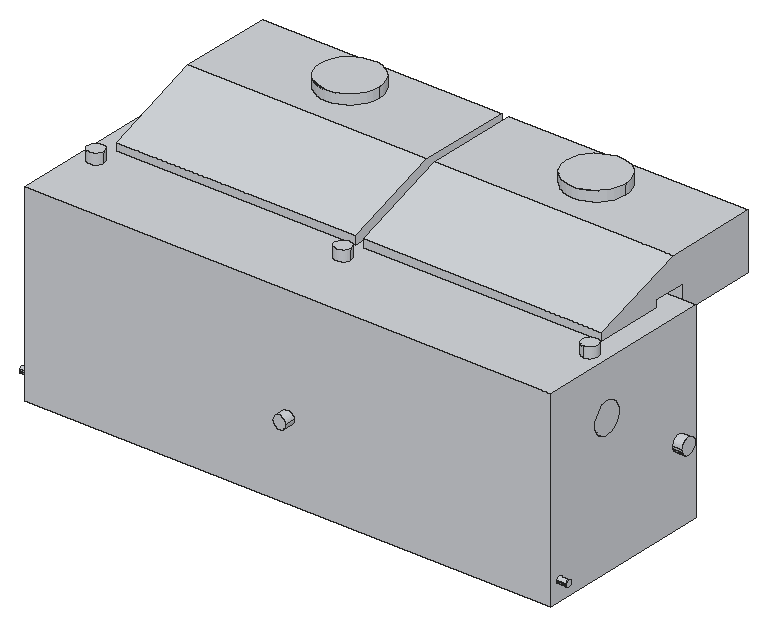
Revit family "M_Caldeira a gás - Ferro fundido - 256-329 kW", category Equipamento mecânico, Revit 2019
Family settings
  Cota do conector redondo = Usar raio
  Tipo de parte = Normal
  Número OmniClass = 23.75.10.11.14.11
  Título OmniClass = Cast-Iron Boilers
  ID de item do Seek = Gas Fired Boiler - Cast Iron - 256-329 kW-0000-CAN-ENU
  Com base no plano de trabalho = Não
  Sempre na vertical = Sim
  Corte com vazios quando carregada = Não
  Compartilhado = Não
  Ponto de cálculo do ambiente = Não
Parameters (values of type "329 kW")
  Fluxo da água [instance] = 0.58 L/s
  Raio da ventilação 2 = 150 mm
  Raio da ventilação 1 = 150 mm
  Comprimento da ventilação 2 = 708 mm
  Comprimento da ventilação 1 = 1245 mm
  Diâmetro da ventilação 1 = Raio da ventilação 1 * 2  # 300 mm
  Diâmetro da ventilação 2 = Raio da ventilação 2 * 2  # 300 mm
  Aumento de temperatura [instance] = 16 °C
  Comprimento de fornecimento 2 = 1248 mm
  Comprimento de fornecimento 1 = 1248 mm
  Queda de pressão da água [instance] = 328000.0 Pa
  Calor de saída [instance] = 329000 W
  Calor de entrada [instance] = 411000 W
  Raio do gás = 16 mm
  Fluxo de gás [instance] = 0.06 L/s
  Diâmetro do gás = Raio do gás * 2  # 32 mm
  Raio da água quente = 40 mm
  Diâmetro da água quente = Raio da água quente * 2  # 80 mm
  Fluxo do ar de exaustão [instance] = 0.0 L/s
  Raio da água gelada = 40 mm
  Diâmetro da água gelada = Raio da água gelada * 2  # 80 mm
  Comprimento do exaustor 2 = 1207 mm
  Comprimento do exaustor 1 = 1207 mm
  Material do boiler = none
  Comprimento da caldeira = 2658 mm
  BHP [instance] = 33.3
  Raio da água quente 1 = 40 mm
  Diâmetro da água quente 1 = Raio da água quente 1 * 2  # 80 mm
  Raio da água gelada 1 = 32.5 mm
  Diâmetro da água gelada 1 = Raio da água gelada 1 * 2  # 65 mm
  Assembly Code = ""
Types (4, lengths in mm): name | Comprimento da ventilação 2 | Comprimento da ventilação 1 | Comprimento de fornecimento 2 | Comprimento de fornecimento 1 | Calor de saída | Calor de entrada | Comprimento do exaustor 2 | Comprimento do exaustor 1 | Comprimento da caldeira | BHP | Raio da água gelada 1 | Diâmetro da água gelada 1
  256 kW | 568 | 965 | 972 | 972 | 256000 W | 320000 W | 930 | 930 | 2105 | 25.8 | 32.5 | 65
  293 kW | 638 | 1105 | 1108 | 1108 | 293000 W | 366000 W | 1069 | 1069 | 2381 | 29.5 | 40 | 80
  311 kW | 708 | 1175 | 1248 | 1108 | 311000 W | 389000 W | 1207 | 1069 | 2521 | 31.3 | 32.5 | 65
  329 kW | 708 | 1245 | 1248 | 1248 | 329000 W | 411000 W | 1207 | 1207 | 2658 | 33.3 | 32.5 | 65
Reference planes
  plane 1 "Centro (Frente/Trás)": y = 0
  plane 2: z = 0
  plane 3 "Centro (Esquerda/Direita)": x = 0
  plane 4: x = 2658
  plane 5: y = 914.4
  plane 6: z = 965.2
  plane 7: z = 101.6
  plane 8: y = 50.8
  plane 9: x = -50.8
  plane 10: y = 808.037
  plane 11: z = 390.525
  plane 12: x = 82.55
  plane 13: y = 349.25
  plane 14: z = 1016
  plane 15: x = 1330.55
  plane 16: x = 1950
  plane 17: x = 1346.5
  plane 18: x = 2553.5
  plane 19: z = 698.5
  plane 20: y = 355.6
  plane 21: y = 1376.362
  plane 22: z = 868.362
  plane 23: z = 1154.113
  plane 24: y = 965.2
  plane 25: y = 798.512
  plane 26: y = 457.2
  plane 27: z = 1003.3
  plane 28: y = 908.05
  plane 29: y = 1173.162
  plane 30: z = 1204.912
  plane 31: x = 2708.8
  plane 32: x = 705
  plane 33: x = 101.5
  plane 34: x = 1308.5
  plane 35: x = 2578.55
  plane 36: y = -50.8
Forms (mm)
  Extrusion 1, solid, material <- "Material do boiler"
    sketch origin (0, 0, 0) x (1, 0, 0) y (0, 1, 0)
      loop
        line (0, 914.4) -> (0, 0) -> (2658, 0) -> (2658, 914.4) -> (0, 914.4)
    from 0 to 965.2
  Extrusion 2, solid, material <- "Material do boiler"
    sketch origin (0, 0, 0) x (0, 1, 0) y (0, 0, 1)
      loop
        circle (50.8, 101.6) r 16
    from 0 to -50.8
  Extrusion 3, solid, material <- "Material do boiler"
    sketch origin (0, 0, 0) x (0, 1, 0) y (0, 0, 1)
      loop
        circle (808.037, 390.525) r 40
    from 0 to -50.8
  Extrusion 4, solid, material <- "Material do boiler"
    sketch origin (0, 0, 0) x (1, 0, 0) y (0, 1, 0)
      loop
        circle (82.55, 349.25) r 40
    from 965.2 to 1016
  Extrusion 5, solid, material <- "Material do boiler"
    sketch origin (0, 0, 0) x (1, 0, 0) y (0, 1, 0)
      loop
        circle (1330.55, 349.25) r 40
    from 965.2 to 1016
  Extrusion 6, solid, material <- "Material do boiler"
    sketch origin (0, 0, 0) x (0, 1, 0) y (0, 0, 1)
      loop
        circle (355.6, 698.5) r 76.2
    from 0 to 1950
  Extrusion 7, solid, material <- "Material do boiler", detail levels fine
    sketch origin (0, 0, 0) x (0, 1, 0) y (0, 0, 1)
      loop
        line (457.2, 965.2) -> (798.512, 965.2) -> (798.512, 1003.3) -> (965.2, 1003.3) -> (965.2, 868.363) -> (1376.362, 868.363) -> (1376.362, 1154.113) -> (908.05, 1154.113) -> (457.2, 1003.3) -> (457.2, 965.2)
    from 1346.5 to 2553.5
  Extrusion 8, solid, material <- "Material do boiler"
    sketch origin (0, 0, 0) x (1, 0, 0) y (0, 1, 0)
      loop
        circle (1950, 1173.162) r 150
    from 1154.113 to 1204.913
  Extrusion 9, solid, material <- "Material do boiler"
    sketch origin (863.6, 0, 0) x (0, 1, 0) y (0, 0, -1)
      loop
        circle (808.037, -390.525) r 40
    from -1794.4 to -1845.2
  Extrusion 10, solid, material <- "Material do boiler"
    sketch origin (1136.65, 0, 0) x (0, 1, 0) y (0, 0, -1)
      loop
        circle (355.6, -698.5) r 76.2
    from -1521.35 to -813.35
  Extrusion 11, solid, material <- "Material do boiler", detail levels fine
    sketch origin (1512.59, 0, 0) x (0, 1, 0) y (0, 0, -1)
      loop
        line (457.2, -965.2) -> (457.2, -1003.3) -> (908.05, -1154.113) -> (1376.362, -1154.113) -> (1376.362, -868.363) -> (965.2, -868.363) -> (965.2, -1003.3) -> (798.512, -1003.3) -> (798.512, -965.2) -> (457.2, -965.2)
    from 204.09 to 1411.09
  Extrusion 12, solid, material <- "Material do boiler"
    sketch origin (1586.21, 0, 0) x (-1, 0, 0) y (0, -1, 0)
      loop
        circle (881.21, -1173.162) r 150
    from 1154.113 to 1204.913
  Extrusion 13, solid, material <- "Material do boiler"
    sketch origin (0, 0, 0) x (1, 0, 0) y (0, 0, 1)
      loop
        circle (1330.55, 390.525) r 32.5
    from 0 to 50.8
  Extrusion 14, solid, material <- "Material do boiler"
    sketch origin (0, 1465.263, 101.6) x (0, 1, 0) y (-1, 0, 0)
      loop
        circle (-1116.013, -2578.55) r 40
    from 863.6 to 914.4
  Extrusion 15, solid, material <- "Material do boiler"
    sketch origin (2143.72, 0, 0) x (0, 1, 0) y (0, 0, -1)
      loop
        circle (50.8, -101.6) r 16
    from -514.28 to -565.08
  Extrusion 16, solid, material <- "Material do boiler", detail levels coarse+medium
    sketch origin (0, 1465.263, 101.6) x (0, 1, 0) y (-1, 0, 0)
      loop
        line (-88.901, -101.5) -> (-550.863, -101.5) -> (-550.863, -2553.5) -> (-88.901, -2553.5) -> (-88.901, -101.5)
    from 766.763 to 1052.513
  Extrusion 17, solid, material <- "Material do boiler", detail levels coarse+medium
    sketch origin (0, 1465.263, 101.6) x (0, 1, 0) y (-1, 0, 0)
      loop
        line (-550.863, -101.5) -> (-1008.063, -101.5) -> (-1008.063, -2553.5) -> (-550.863, -2553.5) -> (-550.863, -101.5)
    from 863.6 to 1052.513
  Extrusion 18, solid, material <- "Material do boiler", detail levels fine
    sketch origin (0, 0, 0) x (1, 0, 0) y (0, 0, 1)
      loop
        circle (1330.55, 390.525) r 32.5
    from 0 to 50.8
  Extrusion 19, solid, material <- "Material do boiler", detail levels fine
    sketch origin (2578.55, 0, 0) x (0, 1, 0) y (0, 0, 1)
      loop
        circle (808.037, 390.525) r 40
      loop
        circle (50.8, 101.6) r 16
    from 79.45 to 130.25
  Extrusion 20, solid, material <- "Material do boiler", detail levels fine
    sketch origin (2578.55, 0, 0) x (0, 1, 0) y (0, 0, 1)
      loop
        circle (808.037, 390.525) r 40
      loop
        circle (50.8, 101.6) r 16
    from -2578.55 to -2629.35
Cuts and joins
  joined: Extrusion 16, Extrusion 17
  joined: Extrusion 7, Extrusion 11
  joined: Extrusion 1, Extrusion 4, Extrusion 5, Extrusion 8, Extrusion 12, Extrusion 14
  joined: Extrusion 2, Extrusion 3, Extrusion 9, Extrusion 13, Extrusion 15
Lines and regions (mm)
  model lines, detail levels coarse+medium
    curve 1: line (0, 50.8, 101.6) -> (-50.8, 50.8, 101.6)
    curve 2: line (0, 808.037, 390.525) -> (-50.8, 808.037, 390.525)
    curve 3: line (2708.8, 808.037, 390.525) -> (2658, 808.037, 390.525)
    curve 6: line (2658, 50.8, 101.6) -> (2708.8, 50.8, 101.6)
    curve 7: line (1330.55, 0, 391.437) -> (1330.55, -50.8, 391.437)
  model lines, detail levels coarse
    curve 4: line (1950, 1173.162, 1154.112) -> (1950, 1173.162, 1204.912)
    curve 5: line (705, 1173.162, 1154.112) -> (705, 1173.162, 1204.912)
  symbolic lines, detail levels fine
    curve 8: line (0, 846.137, 101.6) -> (-50.8, 846.137, 101.6)
    curve 9: line (-50.8, 769.937, 101.6) -> (0, 769.937, 101.6)
    curve 10: line (-50.8, 769.937, 101.6) -> (-50.8, 846.137, 101.6)
    curve 11: line (0, 66.675, 101.6) -> (-50.8, 66.675, 101.6)
    curve 12: line (-50.8, 34.925, 101.6) -> (0, 34.925, 101.6)
    curve 13: line (-50.8, 34.925, 101.6) -> (-50.8, 66.675, 101.6)
    curve 14: line (2658, 846.137, 101.6) -> (2708.8, 846.137, 101.6)
    curve 15: line (2658, 769.937, 101.6) -> (2708.8, 769.937, 101.6)
    curve 16: line (2708.8, 846.137, 101.6) -> (2708.8, 769.937, 101.6)
    curve 17: line (2658, 66.675, 101.6) -> (2708.8, 66.675, 101.6)
    curve 18: line (2658, 34.925, 101.6) -> (2708.8, 34.925, 101.6)
    curve 19: line (2708.8, 66.675, 101.6) -> (2708.8, 34.925, 101.6)
    curve 20: line (1294.51, 0, 101.6) -> (1294.51, -50.8, 101.6)
    curve 21: line (1360.49, 0, 101.6) -> (1360.49, -50.8, 101.6)
    curve 22: line (1294.51, -50.8, 101.6) -> (1360.49, -50.8, 101.6)
Dimensions and locks
  locked: plane 6 to plane 2 at 965.2
  locked: plane 5 to plane 1 "Centro (Frente/Trás)" at 914.4
  "Comprimento da caldeira": plane 4 to plane 3 "Centro (Esquerda/Direita)"
  locked: plane 7 to plane 2 at 101.6
  locked: plane 8 to plane 1 "Centro (Frente/Trás)" at 50.8
  locked: plane 3 "Centro (Esquerda/Direita)" to plane 9 at 50.8
  locked: plane 5 to plane 10 at 106.363
  locked: plane 11 to plane 2 at 390.525
  locked: plane 12 to plane 3 "Centro (Esquerda/Direita)" at 82.55
  locked: plane 13 to plane 1 "Centro (Frente/Trás)" at 349.25
  locked: plane 14 to plane 6 at 50.8
  "Comprimento de fornecimento 1": plane 15 to plane 12
  "Comprimento da ventilação 2": plane 4 to plane 16
  "Comprimento do exaustor 2": plane 18 to plane 17
  equal spacing: plane 18, plane 16, plane 17
  locked: plane 19 to plane 2 at 698.5
  locked: plane 20 to plane 1 "Centro (Frente/Trás)" at 355.6
  locked: plane 21 to plane 1 "Centro (Frente/Trás)" at 1376.363
  locked: plane 22 to plane 2 at 868.362
  locked: plane 23 to plane 22 at 285.75
  locked: plane 21 to plane 24 at 411.162
  locked: plane 24 to plane 25 at 166.688
  locked: plane 25 to plane 26 at 341.312
  locked: plane 27 to plane 6 at 38.1
  locked: plane 28 to plane 26 at 450.85
  locked: plane 29 to plane 1 "Centro (Frente/Trás)" at 1173.162
  locked: plane 30 to plane 23 at 50.8
  locked: plane 31 to plane 4 at 50.8
  "Comprimento da ventilação 1": plane 16 to plane 32
  "Comprimento do exaustor 1": plane 34 to plane 33
  equal spacing: plane 34, plane 32, plane 33
  "Comprimento de fornecimento 2": plane 35 to plane 15
  locked: plane 1 "Centro (Frente/Trás)" to plane 36 at 50.8
  plane 15 to plane 35 = 1248 mm
  "Raio do gás": radius of Extrusion 2 sketch curve
  "Raio da água gelada": radius of Extrusion 3 sketch curve
  "Raio da água quente": radius of Extrusion 4 sketch curve
  "Raio da água quente 1": radius of Extrusion 5 sketch curve
  radius of Extrusion 6 sketch curve = 76.2 mm
  "Raio da ventilação 2": radius of Extrusion 8 sketch curve
  "Raio da água gelada": radius of Extrusion 9 sketch curve
  radius of Extrusion 10 sketch curve = 76.2 mm
  "Raio da ventilação 1": radius of Extrusion 12 sketch curve
  "Raio da água gelada 1": radius of Extrusion 13 sketch curve
  "Raio da água quente": radius of Extrusion 14 sketch curve
  "Raio do gás": radius of Extrusion 15 sketch curve
  "Raio da água gelada 1": radius of Extrusion 18 sketch curve
  "Raio da água gelada": radius of Extrusion 19 sketch curve
  "Raio do gás": radius of Extrusion 19 sketch curve
  "Raio da água gelada": radius of Extrusion 20 sketch curve
  "Raio do gás": radius of Extrusion 20 sketch curve
  aligned and locked: Extrusion 1 to plane 5
  aligned and locked: plane 1 "Centro (Frente/Trás)" to Extrusion 1
  aligned and locked: Extrusion 1 to plane 3 "Centro (Esquerda/Direita)"
  aligned and locked: plane 4 to Extrusion 1
  aligned and locked: plane 6 to Extrusion 1
  aligned and locked: Extrusion 1 to plane 2
  aligned and locked: plane 8 to Extrusion 2 sketch curve
  aligned and locked: plane 7 to Extrusion 2 sketch curve
  aligned and locked: Extrusion 2 to plane 9
  aligned and locked: plane 3 "Centro (Esquerda/Direita)" to Extrusion 2
  aligned and locked: plane 10 to Extrusion 3 sketch curve
  aligned and locked: plane 11 to Extrusion 3 sketch curve
  aligned and locked: Extrusion 3 to plane 9
  aligned and locked: plane 3 "Centro (Esquerda/Direita)" to Extrusion 3
  aligned and locked: plane 13 to Extrusion 4 sketch curve
  aligned and locked: plane 12 to Extrusion 4 sketch curve
  aligned and locked: plane 14 to Extrusion 4
  aligned and locked: Extrusion 4 to plane 6
  aligned and locked: plane 15 to Extrusion 5 sketch curve
  aligned and locked: plane 13 to Extrusion 5 sketch curve
  aligned and locked: plane 14 to Extrusion 5
  aligned and locked: Extrusion 5 to plane 6
  aligned and locked: plane 20 to Extrusion 6 sketch curve
  aligned and locked: plane 19 to Extrusion 6 sketch curve
  aligned and locked: Extrusion 6 to plane 3 "Centro (Esquerda/Direita)"
  aligned and locked: plane 16 to Extrusion 6
  aligned and locked: plane 23 to Extrusion 7
  aligned and locked: Extrusion 7 to plane 21
  aligned and locked: Extrusion 7 to plane 22
  aligned and locked: plane 24 to Extrusion 7
  aligned and locked: Extrusion 7 to plane 27
  aligned and locked: Extrusion 7 to plane 25
  aligned and locked: Extrusion 7 to plane 6
  aligned and locked: plane 26 to Extrusion 7
  aligned and locked: plane 18 to Extrusion 7
  aligned and locked: Extrusion 7 to plane 17
  aligned and locked: plane 16 to Extrusion 8 sketch curve
  aligned and locked: plane 29 to Extrusion 8 sketch curve
  aligned and locked: plane 23 to Extrusion 8
  aligned and locked: plane 30 to Extrusion 8
  aligned and locked: plane 31 to Extrusion 9
  aligned and locked: Extrusion 9 to plane 4
  aligned and locked: plane 10 to Extrusion 9 sketch curve
  aligned and locked: plane 11 to Extrusion 9 sketch curve
  aligned and locked: Extrusion 10 to plane 16
  aligned and locked: plane 4 to Extrusion 10
  aligned and locked: plane 20 to Extrusion 10 sketch curve
  aligned and locked: plane 19 to Extrusion 10 sketch curve
  aligned and locked: plane 3 "Centro (Esquerda/Direita)" to curve 1
  aligned and locked: plane 9 to curve 1
  aligned and locked: plane 7 to curve 1
  aligned and locked: plane 3 "Centro (Esquerda/Direita)" to curve 2
  aligned and locked: plane 9 to curve 2
  aligned and locked: curve 2 to plane 10
  aligned and locked: plane 4 to curve 3
  aligned and locked: plane 31 to curve 3
  aligned and locked: curve 3 to plane 10
  aligned and locked: plane 30 to curve 4
  aligned and locked: plane 16 to curve 4
  aligned and locked: plane 34 to Extrusion 11
  aligned and locked: Extrusion 11 to plane 33
  aligned and locked: plane 23 to Extrusion 11
  aligned and locked: Extrusion 11 to plane 22  (x2)
  aligned and locked: plane 32 to Extrusion 12 sketch curve
  aligned and locked: plane 29 to Extrusion 12 sketch curve
  aligned and locked: Extrusion 12 to plane 23
  aligned and locked: plane 30 to Extrusion 12
  aligned and locked: plane 24 to Extrusion 11
  aligned and locked: Extrusion 11 to plane 27
  aligned and locked: Extrusion 11 to plane 25
  aligned and locked: plane 26 to Extrusion 11
  aligned and locked: plane 23 to curve 5
  aligned and locked: plane 30 to curve 5
  aligned and locked: plane 32 to curve 5
  aligned and locked: plane 15 to Extrusion 13 sketch curve
  aligned and locked: plane 11 to Extrusion 13 sketch curve
  aligned and locked: plane 36 to Extrusion 13
  aligned and locked: plane 35 to Extrusion 14 sketch curve
  aligned and locked: plane 13 to Extrusion 14 sketch curve
  aligned and locked: Extrusion 14 to plane 14
  aligned and locked: plane 6 to Extrusion 14
  aligned and locked: Extrusion 15 to plane 4
  aligned and locked: plane 31 to Extrusion 15
  aligned and locked: plane 7 to Extrusion 15 sketch curve
  aligned and locked: plane 8 to Extrusion 15 sketch curve
  aligned and locked: curve 7 to plane 15
  aligned and locked: plane 1 "Centro (Frente/Trás)" to curve 7
  aligned and locked: plane 36 to curve 7
  aligned and locked: plane 4 to curve 6
  aligned and locked: plane 31 to curve 6
  aligned and locked: plane 8 to curve 6
  aligned and locked: Extrusion 16 sketch curve to Extrusion 11  (x2)
  aligned and locked: Extrusion 16 sketch curve to Extrusion 7
  aligned and locked: Extrusion 16 sketch curve to plane 5
  aligned and locked: Extrusion 16 to Extrusion 17 sketch curve
  aligned and locked: Extrusion 17 sketch curve to Extrusion 16
  aligned and locked: Extrusion 17 sketch curve to Extrusion 7  (x2)
  aligned and locked: plane 23 to Extrusion 16
  aligned and locked: Extrusion 16 to Extrusion 7
  aligned and locked: plane 23 to Extrusion 17
  aligned and locked: Extrusion 17 to plane 6
  aligned and locked: cut or joined group of Extrusion 2, Extrusion 3, Extrusion 9, Extrusion 13, Extrusion 15 to curve 8
  aligned and locked: curve 8 to cut or joined group of Extrusion 2, Extrusion 3, Extrusion 9, Extrusion 13, Extrusion 15
  aligned and locked: curve 9 to cut or joined group of Extrusion 2, Extrusion 3, Extrusion 9, Extrusion 13, Extrusion 15
  aligned and locked: cut or joined group of Extrusion 2, Extrusion 3, Extrusion 9, Extrusion 13, Extrusion 15 to curve 9
  aligned and locked: cut or joined group of Extrusion 2, Extrusion 3, Extrusion 9, Extrusion 13, Extrusion 15 to curve 11
  aligned and locked: curve 11 to cut or joined group of Extrusion 2, Extrusion 3, Extrusion 9, Extrusion 13, Extrusion 15
  aligned and locked: curve 12 to cut or joined group of Extrusion 2, Extrusion 3, Extrusion 9, Extrusion 13, Extrusion 15
  aligned and locked: cut or joined group of Extrusion 2, Extrusion 3, Extrusion 9, Extrusion 13, Extrusion 15 to curve 12
  aligned and locked: curve 14 to cut or joined group of Extrusion 2, Extrusion 3, Extrusion 9, Extrusion 13, Extrusion 15
  aligned and locked: cut or joined group of Extrusion 2, Extrusion 3, Extrusion 9, Extrusion 13, Extrusion 15 to curve 14
  aligned and locked: curve 15 to cut or joined group of Extrusion 2, Extrusion 3, Extrusion 9, Extrusion 13, Extrusion 15
  aligned and locked: cut or joined group of Extrusion 2, Extrusion 3, Extrusion 9, Extrusion 13, Extrusion 15 to curve 15
  aligned and locked: curve 17 to cut or joined group of Extrusion 2, Extrusion 3, Extrusion 9, Extrusion 13, Extrusion 15
  aligned and locked: curve 18 to cut or joined group of Extrusion 2, Extrusion 3, Extrusion 9, Extrusion 13, Extrusion 15
  aligned and locked: cut or joined group of Extrusion 2, Extrusion 3, Extrusion 9, Extrusion 13, Extrusion 15 to curve 18
  aligned and locked: curve 19 to cut or joined group of Extrusion 2, Extrusion 3, Extrusion 9, Extrusion 13, Extrusion 15
  aligned and locked: curve 20 to cut or joined group of Extrusion 2, Extrusion 3, Extrusion 9, Extrusion 13, Extrusion 15  (x2)
  aligned and locked: curve 21 to cut or joined group of Extrusion 2, Extrusion 3, Extrusion 9, Extrusion 13, Extrusion 15
  aligned and locked: cut or joined group of Extrusion 2, Extrusion 3, Extrusion 9, Extrusion 13, Extrusion 15 to curve 21
  aligned and locked: plane 15 to Extrusion 18 sketch curve
  aligned and locked: plane 11 to Extrusion 18 sketch curve
  aligned and locked: Extrusion 18 to plane 1 "Centro (Frente/Trás)"
  aligned and locked: plane 36 to Extrusion 18
  aligned and locked: plane 10 to Extrusion 19 sketch curve
  aligned and locked: plane 11 to Extrusion 19 sketch curve
  aligned and locked: plane 8 to Extrusion 19 sketch curve
  aligned and locked: plane 7 to Extrusion 19 sketch curve
  aligned and locked: plane 10 to Extrusion 20 sketch curve
  aligned and locked: plane 11 to Extrusion 20 sketch curve
  aligned and locked: plane 8 to Extrusion 20 sketch curve
  aligned and locked: plane 7 to Extrusion 20 sketch curve
  aligned and locked: Extrusion 20 to plane 9
  aligned and locked: plane 3 "Centro (Esquerda/Direita)" to Extrusion 20
  aligned and locked: Extrusion 19 to plane 4
  aligned and locked: plane 31 to Extrusion 19
Automatic sketch dimensions
  Extrusion 1 sketch curve to plane 1 "Centro (Frente/Trás)" = 0 mm
  Extrusion 1 sketch curve to plane 3 "Centro (Esquerda/Direita)" = 0 mm
  Extrusion 1 sketch curve to plane 4 = 0 mm
  Extrusion 1 sketch curve to plane 5 = 0 mm
  Extrusion 7 sketch curve to plane 6 = 0 mm
  Extrusion 7 sketch curve to plane 26 = 0 mm
  Extrusion 7 sketch curve to plane 25 = 0 mm
  Extrusion 7 sketch curve to plane 23 = 0 mm
  Extrusion 7 sketch curve to plane 28 = 0 mm
  Extrusion 7 sketch curve to plane 22 = 0 mm
  Extrusion 7 sketch curve to plane 24 = 0 mm
  Extrusion 7 sketch curve to plane 21 = 0 mm
  Extrusion 7 sketch curve to plane 27 = 0 mm  (x2)
  curve 6 to plane 7 = 0 mm
  curve 6 to plane 31 = 50.8 mm
  plane 31 to curve 6 = 0 mm
  curve 2 to plane 3 "Centro (Esquerda/Direita)" = 0 mm
  curve 2 to plane 9 = 0 mm
  curve 4 to plane 23 = 0 mm
  Extrusion 11 sketch curve to plane 6 = 0 mm
  Extrusion 11 sketch curve to plane 26 = 0 mm
  Extrusion 11 sketch curve to plane 25 = 0 mm
  Extrusion 11 sketch curve to plane 23 = 0 mm
  Extrusion 11 sketch curve to plane 28 = 0 mm
  Extrusion 11 sketch curve to plane 22 = 0 mm
  Extrusion 11 sketch curve to plane 24 = 0 mm
  Extrusion 11 sketch curve to plane 21 = 0 mm
  Extrusion 11 sketch curve to plane 27 = 0 mm  (x2)
  plane 11 to curve 7 = 0.912 mm
  plane 36 to curve 7 = 0 mm
  curve 7 to plane 36 = 50.8 mm
  plane 8 to curve 19 = 15.875 mm
  plane 8 to curve 12 = 15.875 mm
  curve 11 to plane 8 = 15.875 mm
  curve 19 to plane 8 = 15.875 mm
  plane 25 to curve 9 = 28.575 mm
  plane 25 to curve 15 = 28.575 mm
  curve 14 to plane 10 = 38.1 mm
  curve 10 to plane 10 = 38.1 mm
  plane 17 to curve 21 = 13.99 mm
  curve 20 to plane 34 = 13.99 mm
Connectors
  piping at (82.55, 349.25, 1016), diameter 80, driven by "Fluxo da água", driven by "Queda de pressão da água", driven by "Raio da água quente"
    settings: on Extrusion 4, index 1, connector inside diameter 80 mm, connector length 0 mm, flow factor 0, pipe flow 0.58 L/s, pressure drop 328000.0 Pa, fitting loss kfactor 0, connector angle 0.00°, fixture units 0, engagement length 0 mm, angle of deflection 0.00°, flow configuration 0, flow direction 2, fitting loss method 4, system type 7, joint type 0, gender type 0, connector reference index -1, connector utility 0, adjustable connector no, is connector primary yes, connector description "Saída de água quente"
  piping at (1330.55, 349.25, 1016), diameter 80, driven by "Fluxo da água", driven by "Queda de pressão da água", driven by "Raio da água quente 1"
    settings: on Extrusion 5, index 2, connector inside diameter 80 mm, connector length 0 mm, flow factor 0, pipe flow 0.58 L/s, pressure drop 328000.0 Pa, fitting loss kfactor 0, connector angle 0.00°, fixture units 0, engagement length 0 mm, angle of deflection 0.00°, flow configuration 0, flow direction 2, fitting loss method 4, system type 7, joint type 0, gender type 0, connector reference index -1, connector utility 0, adjustable connector no, is connector primary no, connector description "Saída de água quente"
  piping at (2578.55, 349.25, 1016), diameter 80, driven by "Fluxo da água", driven by "Queda de pressão da água", driven by "Raio da água quente"
    settings: on Extrusion 14, index 3, connector inside diameter 80 mm, connector length 0 mm, flow factor 0, pipe flow 0.58 L/s, pressure drop 328000.0 Pa, fitting loss kfactor 0, connector angle 0.00°, fixture units 0, engagement length 0 mm, angle of deflection 0.00°, flow configuration 0, flow direction 2, fitting loss method 4, system type 7, joint type 0, gender type 0, connector reference index -1, connector utility 0, adjustable connector no, is connector primary no, connector description "Saída de água quente"
  piping at (2708.8, 808.037, 390.525), diameter 80, driven by "Fluxo da água", driven by "Raio da água gelada"
    settings: on Extrusion 9, index 4, connector inside diameter 80 mm, connector length 0 mm, flow factor 0, pipe flow 0.58 L/s, pressure drop 0.0 Pa, fitting loss kfactor 0, connector angle 0.00°, fixture units 0, engagement length 0 mm, angle of deflection 0.00°, flow configuration 0, flow direction 1, fitting loss method 0, system type 8, joint type 0, gender type 0, connector reference index -1, connector utility 0, adjustable connector no, is connector primary no, connector description "Entrada de água gelada"
  piping at (-50.8, 808.037, 390.525), diameter 80, driven by "Raio da água gelada", driven by "Fluxo da água"
    settings: on Extrusion 3, index 5, connector inside diameter 80 mm, connector length 0 mm, flow factor 0, pipe flow 0.58 L/s, pressure drop 0.0 Pa, fitting loss kfactor 0, connector angle 0.00°, fixture units 0, engagement length 0 mm, angle of deflection 0.00°, flow configuration 0, flow direction 1, fitting loss method 0, system type 8, joint type 0, gender type 0, connector reference index -1, connector utility 0, adjustable connector no, is connector primary no, connector description "Entrada de água gelada"
  piping at (1330.55, -50.8, 390.525), diameter 65, driven by "Raio da água gelada 1", driven by "Fluxo da água"
    settings: on Extrusion 13, index 6, connector inside diameter 65 mm, connector length 0 mm, flow factor 0, pipe flow 0.58 L/s, pressure drop 0.0 Pa, fitting loss kfactor 0, connector angle 0.00°, fixture units 0, engagement length 0 mm, angle of deflection 0.00°, flow configuration 0, flow direction 1, fitting loss method 0, system type 8, joint type 0, gender type 0, connector reference index -1, connector utility 0, adjustable connector no, is connector primary no, connector description "Entrada de água gelada"
  piping at (-50.8, 50.8, 101.6), diameter 32, driven by "Fluxo de gás", driven by "Raio do gás"
    settings: on Extrusion 2, index 7, connector inside diameter 32 mm, connector length 0 mm, flow factor 0, pipe flow 0.06 L/s, pressure drop 0.0 Pa, fitting loss kfactor 0, connector angle 0.00°, fixture units 0, engagement length 0 mm, angle of deflection 0.00°, flow configuration 1, flow direction 1, fitting loss method 0, system type 22, joint type 0, gender type 0, connector reference index -1, connector utility 0, adjustable connector no, is connector primary no, connector description "Entrada de gás"
  piping at (2708.8, 50.8, 101.6), diameter 32, driven by "Fluxo de gás", driven by "Raio do gás"
    settings: on Extrusion 15, index 8, connector inside diameter 32 mm, connector length 0 mm, flow factor 0, pipe flow 0.06 L/s, pressure drop 0.0 Pa, fitting loss kfactor 0, connector angle 0.00°, fixture units 0, engagement length 0 mm, angle of deflection 0.00°, flow configuration 1, flow direction 1, fitting loss method 0, system type 22, joint type 0, gender type 0, connector reference index -1, connector utility 0, adjustable connector no, is connector primary no, connector description "Entrada de gás"
  hvac at (705, 1173.162, 1204.913), driven by "Raio da ventilação 1", driven by "Fluxo do ar de exaustão"
    settings: on Extrusion 12, index 9, duct flow 0.0 L/s, flow factor 0, pres drop 0.0 Pa, loss coef 0, conn angle 0.00°, conn width 304.8 mm, conn height 304.8 mm, conn diameter 300 mm, duct sys type 3, conn prof type 0, flow config 1, flow direction 2, loss method 0, conn ref index -1, conn util no, is conn primary yes, conn desc ""
  hvac at (1950, 1173.162, 1204.913), driven by "Fluxo do ar de exaustão", driven by "Raio da ventilação 2"
    settings: on Extrusion 8, index 10, duct flow 0.0 L/s, flow factor 0, pres drop 0.0 Pa, loss coef 0, conn angle 0.00°, conn width 304.8 mm, conn height 304.8 mm, conn diameter 300 mm, duct sys type 3, conn prof type 0, flow config 1, flow direction 2, loss method 0, conn ref index -1, conn util no, is conn primary no, conn desc ""
  piping at (2658, 355.6, 698.5), diameter 40
    settings: on Extrusion 10, index 11, connector inside diameter 40 mm, connector length 0 mm, flow factor 0, pipe flow 0.0 L/s, pressure drop 0.0 Pa, fitting loss kfactor 0, connector angle 0.00°, fixture units 0, engagement length 0 mm, angle of deflection 0.00°, flow configuration 1, flow direction 2, fitting loss method 0, system type 16, joint type 0, gender type 0, connector reference index -1, connector utility 0, adjustable connector yes, is connector primary no, connector description "Saída da drenagem"
  piping at (0, 355.6, 698.5), diameter 40
    settings: on Extrusion 6, index 12, connector inside diameter 40 mm, connector length 0 mm, flow factor 0, pipe flow 0.0 L/s, pressure drop 0.0 Pa, fitting loss kfactor 0, connector angle 0.00°, fixture units 0, engagement length 0 mm, angle of deflection 0.00°, flow configuration 1, flow direction 2, fitting loss method 0, system type 16, joint type 0, gender type 0, connector reference index -1, connector utility 0, adjustable connector yes, is connector primary no, connector description "Saída da drenagem"
  electrical at (2658, 457.2, 482.6)
    settings: on Extrusion 1, index 13, voltage 0 V, apparent load 0 VA, apparent load phase1 0 VA, apparent load phase2 0 VA, apparent load phase3 0 VA, power factor 1, load classification "Outros", number of poles 1, system type 13, power factor state 1, is connector primary yes, connector utility no, sub classification motor no, connector description ""
